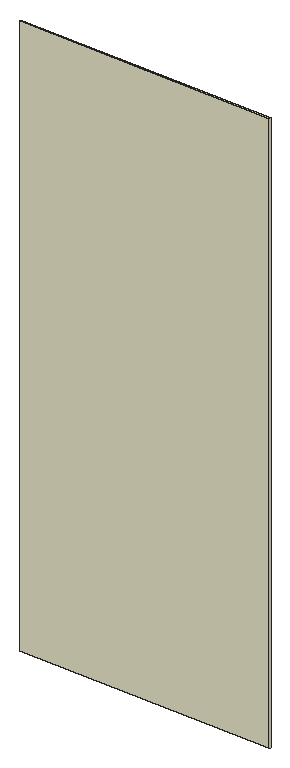
Revit family "MDR MR Honeycomb", category Generic Models, Revit 2017 (continued)
Automatic sketch dimensions
  curve 216 to curve 150 = 0.001 mm
  curve 302 to curve 301 = 0.001 mm
  curve 412 to curve 355 = 0.001 mm
  curve 674 to curve 583 = 0.001 mm
  curve 543 to curve 609 = 0.001 mm
  curve 714 to curve 715 = 0.001 mm
  curve 30 to curve 77 = 0.001 mm
  curve 217 to curve 218 = 0.001 mm
  curve 30 to curve 104 = 0.001 mm
  curve 256 to curve 189 = 0.001 mm
  curve 583 to curve 582 = 0.001 mm
  curve 741 to curve 780 = 0.001 mm
  curve 518 to curve 463 = 0.001 mm
  curve 714 to curve 713 = 0.001 mm
  curve 218 to curve 149 = 0 mm
  curve 299 to curve 309 = 0 mm
  curve 742 to curve 673 = 0.001 mm
  curve 611 to curve 542 = 0 mm
  curve 106 to curve 28 = 0.001 mm
  curve 458 to curve 461 = 0.001 mm
  curve 187 to curve 255 = 0 mm
  curve 581 to curve 580 = 0.001 mm
  curve 352 to curve 386 = 0 mm
  curve 712 to curve 711 = 0.001 mm
  curve 613 to curve 541 = 0 mm
  curve 186 to curve 185 = 0.001 mm
  curve 351 to curve 350 = 0.001 mm
  curve 457 to curve 456 = 0.001 mm
  curve 579 to curve 578 = 0.001 mm
  curve 710 to curve 709 = 0.001 mm
  curve 222 to curve 147 = 0.001 mm
  curve 746 to curve 671 = 0.001 mm
  curve 496 to curve 409 = 0 mm
  curve 349 to curve 348 = 0.001 mm
  curve 183 to curve 253 = 0 mm
  curve 577 to curve 576 = 0.001 mm
  curve 708 to curve 707 = 0.001 mm
  curve 498 to curve 408 = 0.001 mm
  curve 617 to curve 539 = 0.001 mm
  curve 748 to curve 670 = 0 mm
  curve 347 to curve 346 = 0.001 mm
  curve 444 to curve 452 = 0.001 mm
  curve 575 to curve 574 = 0.001 mm
  curve 706 to curve 705 = 0.001 mm
  curve 292 to curve 291 = 0.001 mm
  curve 226 to curve 145 = 0 mm
  curve 750 to curve 669 = 0 mm
  curve 180 to curve 179 = 0.001 mm
  curve 114 to curve 20 = 0 mm
  curve 573 to curve 572 = 0.001 mm
  curve 344 to curve 382 = 0 mm
  curve 704 to curve 703 = 0.001 mm
  curve 290 to curve 289 = 0.001 mm
  curve 752 to curve 668 = 0.001 mm
  curve 343 to curve 342 = 0.001 mm
  curve 116 to curve 18 = 0 mm
  curve 441 to curve 440 = 0.001 mm
  curve 571 to curve 570 = 0.001 mm
  curve 702 to curve 701 = 0.001 mm
  curve 230 to curve 143 = 0.001 mm
  curve 284 to curve 287 = 0.001 mm
  curve 504 to curve 405 = 0.001 mm
  curve 623 to curve 536 = 0.001 mm
  curve 754 to curve 667 = 0.001 mm
  curve 341 to curve 340 = 0.001 mm
  curve 118 to curve 16 = 0 mm
  curve 175 to curve 249 = 0 mm
  curve 569 to curve 568 = 0.001 mm
  curve 700 to curve 699 = 0.001 mm
  curve 438 to curve 449 = 0 mm
  curve 282 to curve 286 = 0 mm
  curve 174 to curve 173 = 0.001 mm
  curve 120 to curve 14 = 0 mm
  curve 567 to curve 566 = 0.001 mm
  curve 338 to curve 379 = 0 mm
  curve 698 to curve 697 = 0.001 mm
  curve 436 to curve 448 = 0 mm
  curve 235 to curve 141 = 0.002 mm
  curve 508 to curve 403 = 0.002 mm
  curve 628 to curve 534 = 0.002 mm
  curve 758 to curve 665 = 0.002 mm
  curve 235 to curve 247 = 0.001 mm
  curve 337 to curve 336 = 0.002 mm
  curve 122 to curve 12 = 0.001 mm
  curve 509 to curve 447 = 0.001 mm
  curve 565 to curve 564 = 0.002 mm
  curve 696 to curve 695 = 0.002 mm
  curve 58 to curve 9 = 0.001 mm
  curve 275 to curve 278 = 0.002 mm
  curve 170 to curve 278 = 0.002 mm
  curve 236 to curve 140 = 0.001 mm
  curve 433 to curve 533 = 0.001 mm
  curve 761 to curve 664 = 0.002 mm
  curve 695 to curve 694 = 0.001 mm
  curve 510 to curve 402 = 0.001 mm
  curve 57 to curve 10 = 0.001 mm
  curve 237 to curve 246 = 0.001 mm
  curve 335 to curve 334 = 0.002 mm
  curve 274 to curve 377 = 0.002 mm
  curve 512 to curve 446 = 0.001 mm
  curve 124 to curve 10 = 0.001 mm
  curve 563 to curve 562 = 0.002 mm
  curve 631 to curve 630 = 0.001 mm
  curve 694 to curve 693 = 0.002 mm
  curve 761 to curve 770 = 0.002 mm
  curve 432 to curve 446 = 0.001 mm
  curve 125 to curve 139 = 0.001 mm
  curve 169 to curve 168 = 0.001 mm
  curve 512 to curve 401 = 0.002 mm
  curve 631 to curve 532 = 0.002 mm
  curve 693 to curve 791 = 0.001 mm
  curve 762 to curve 663 = 0.001 mm
  curve 54 to curve 8 = 0.001 mm
  curve 272 to curve 376 = 0.001 mm
  curve 513 to curve 445 = 0.001 mm
  curve 561 to curve 560 = 0.002 mm
  curve 167 to curve 245 = 0.001 mm
  curve 632 to curve 638 = 0.002 mm
  curve 692 to curve 691 = 0.002 mm
  curve 514 to curve 400 = 0.001 mm
  curve 240 to curve 138 = 0 mm
  curve 271 to curve 276 = 0 mm
  curve 764 to curve 662 = 0.001 mm
  curve 633 to curve 531 = 0 mm
  curve 331 to curve 330 = 0.001 mm
  curve 690 to curve 689 = 0.001 mm
  curve 429 to curve 427 = 0 mm
  curve 398 to curve 516 = 0.001 mm
  curve 529 to curve 635 = 0.001 mm
  curve 660 to curve 766 = 0.011 mm
  curve 554 to curve 556 = 0.001 mm
  curve 426 to curve 423 = 0 mm
  curve 688 to curve 685 = 0 mm
  curve 265 to curve 268 = 0 mm
  curve 396 to curve 399 = 0 mm
  curve 527 to curve 530 = 0 mm
  curve 658 to curve 661 = 0 mm
  curve 44 to curve 3 = 0 mm
  curve 553 to curve 552 = 0.001 mm
  curve 684 to curve 683 = 0.001 mm
  curve 10 to curve 126 = 61.809 mm
  curve 10 to curve 7 = 61.811 mm
  curve 126 to curve 55 = 0.001 mm
  curve 245 to curve 241 = 61.81 mm
  curve 8 to curve 54 = 61.811 mm
  curve 245 to curve 166 = 61.809 mm
  curve 127 to curve 129 = 61.811 mm
  curve 128 to curve 52 = 0.001 mm
  curve 6 to curve 129 = 61.81 mm
  curve 244 to curve 164 = 61.81 mm
  curve 4 to curve 131 = 61.811 mm
  curve 242 to curve 163 = 61.81 mm
  curve 269 to curve 266 = 61.81 mm
  curve 50 to curve 49 = 61.811 mm
  curve 266 to curve 265 = 61.811 mm
  curve 397 to curve 396 = 61.811 mm
  curve 2 to curve 49 = 61.811 mm
  curve 134 to curve 134 = 61.81 mm
  curve 268 to curve 264 = 61.81 mm
  curve 399 to curve 424 = 61.81 mm
  curve 3 to curve 1 = 61.813 mm
  curve 159 to curve 263 = 61.81 mm
  curve 421 to curve 421 = 61.81 mm
  curve 552 to curve 656 = 61.81 mm
  curve 1 to curve 809 = 61.811 mm
  curve 263 to curve 811 = 61.81 mm
  curve 47 to curve 46 = 0.001 mm
  curve 525 to curve 813 = 61.81 mm
  curve 56 to curve 7 = 0.001 mm
  curve 136 to curve 242 = 0.001 mm
  curve 267 to curve 269 = 0.001 mm
  curve 43 to curve 130 = 0.001 mm
  curve 161 to curve 163 = 0.001 mm
  curve 329 to curve 326 = 0 mm
  curve 135 to curve 134 = 0.001 mm
  curve 160 to curve 159 = 0.001 mm
  curve 325 to curve 324 = 0.001 mm
  curve 422 to curve 421 = 0.001 mm
  curve 814 to plane 5 = 0.308 mm
  plane 3 "Center (Left/Right)" to curve 814 = 70.869 mm
  curve 814 to curve 814 = 58.432 mm
  curve 814 to curve 657 = 41.56 mm
  curve 813 to plane 5 = 0.308 mm
  curve 551 to curve 813 = 41.559 mm
  curve 813 to curve 813 = 58.44 mm
  curve 813 to curve 526 = 41.553 mm
  curve 812 to plane 5 = 0.309 mm
  curve 420 to curve 812 = 41.559 mm
  curve 812 to curve 812 = 58.432 mm
  curve 812 to curve 419 = 41.56 mm
  curve 811 to plane 5 = 0.31 mm
  curve 323 to curve 811 = 41.559 mm
  curve 811 to curve 811 = 58.437 mm
  curve 811 to curve 264 = 41.556 mm
  curve 810 to plane 5 = 0.31 mm
  curve 158 to curve 810 = 41.559 mm
  curve 158 to curve 810 = 58.432 mm
  curve 681 to plane 5 = 0.309 mm
  curve 550 to plane 5 = 0.321 mm
  curve 419 to plane 5 = 0.31 mm
  curve 322 to plane 5 = 0.318 mm
  curve 157 to plane 5 = 0.312 mm
  Extrusion 1 sketch curve to plane 3 "Center (Left/Right)" = 0 mm
  plane 4 "Panel face" to Extrusion 1 sketch curve = 0 mm
  plane 1 "Center (Front/Back)" to Extrusion 1 sketch curve = 0 mm
  Extrusion 1 sketch curve to Extrusion 1 sketch curve = 1200 mm
